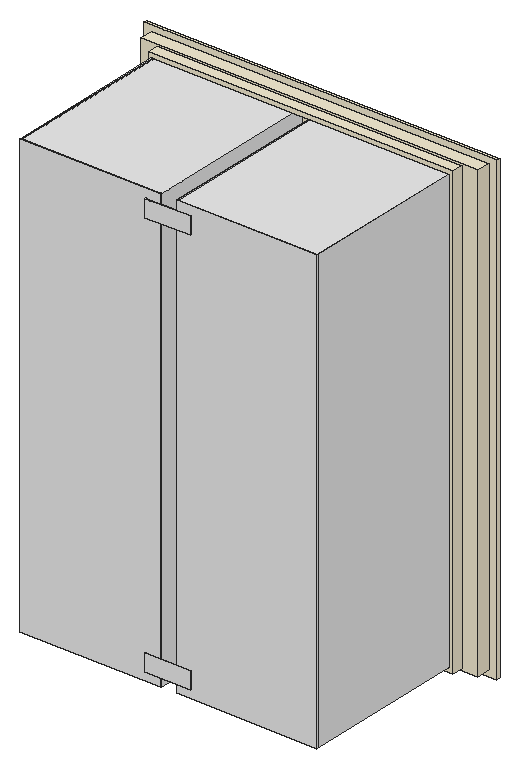
Revit family "4C-11_Door_High_Units_FL.rfa", category Specialty Equipment, host Wall, Revit 2016
Family settings
  Host = Wall
  Part Type = Normal
  Round Connector Dimension = Use Diameter
  Always vertical = Yes
  Cut with Voids When Loaded = No
  Shared = No
  Room Calculation Point = No
Parameters (values of type "3711D-20 FL")
  Width = 31.09766"
  Visible Door Number [instance] = yes
  Vertical Center Divider = yes
  Version = "2.0 (08/09/16)"
  Type Comments = "4C Standard Horizontal Mailbox - Front Loading"
  Top Back Plate = yes
  Right Inside Wall = yes
  Model = "3711D-20 FL"
  MasterFormat Title = "Postal Specialties"
  MasterFormat Number = "10 55 00"
  Manufacturer = "Salsbury Industries"
  Lock Material = Stainless Steel -Salsbury Finish =  Polished
  Lock Latches - Right Side = no
  Lock Latches - Left Side = no
  Left Inside Wall = yes
  Latch Alignment = 14.85742"
  Keynote = ""
  Height = 40.970"
  Front Panel Material [instance] = Aluminum - Salsbury Finish = Sandstone
  Door Slot R9 Number [instance] = "18"
  Door Slot R9 = 3700 Series 4C Door Configurations : MB1 Door w/ Divider
  Door Slot R8 Number [instance] = "17"
  Door Slot R8 = 3700 Series 4C Door Configurations : MB1 Door w/ Divider
  Door Slot R7 Number [instance] = "16"
  Door Slot R7 = 3700 Series 4C Door Configurations : MB1 Door w/ Divider
  Door Slot R6 Number [instance] = "0"
  Door Slot R6 = 3700 Series 4C OM2 Configuration : OM2-FL
  Door Slot R5 Number [instance] = "0"
  Door Slot R5 = 3700 Series 4C Door Configurations : Empty
  Door Slot R4 Number [instance] = "15"
  Door Slot R4 = 3700 Series 4C Door Configurations : MB1 Door w/ Divider
  Door Slot R3 Number [instance] = "14"
  Door Slot R3 = 3700 Series 4C Door Configurations : MB1 Door w/ Divider
  Door Slot R2 Number [instance] = "13"
  Door Slot R2 = 3700 Series 4C Door Configurations : MB1 Door w/ Divider
  Door Slot R11 Number [instance] = "20"
  Door Slot R11 = 3700 Series 4C Door Configurations : MB1 Door w/ Divider
  Door Slot R10 Number [instance] = "19"
  Door Slot R10 = 3700 Series 4C Door Configurations : MB1 Door w/ Divider
  Door Slot R1 Number [instance] = "12"
  Door Slot R1 = 3700 Series 4C Door Configurations : MB1 Door
  Door Slot L9 Number [instance] = "9"
  Door Slot L9 = 3700 Series 4C Door Configurations : MB1 Door w/ Divider
  Door Slot L8 Number [instance] = "8"
  Door Slot L8 = 3700 Series 4C Door Configurations : MB1 Door w/ Divider
  Door Slot L7 Number [instance] = "7"
  Door Slot L7 = 3700 Series 4C Door Configurations : MB1 Door w/ Divider
  Door Slot L6 Number [instance] = "6"
  Door Slot L6 = 3700 Series 4C Door Configurations : MB1 Door w/ Divider
  Door Slot L5 Number [instance] = "5"
  Door Slot L5 = 3700 Series 4C Door Configurations : MB1 Door w/ Divider
  Door Slot L4 Number [instance] = "4"
  Door Slot L4 = 3700 Series 4C Door Configurations : MB1 Door w/ Divider
  Door Slot L3 Number [instance] = "3"
  Door Slot L3 = 3700 Series 4C Door Configurations : MB1 Door w/ Divider
  Door Slot L2 Number [instance] = "2"
  Door Slot L2 = 3700 Series 4C Door Configurations : MB1 Door w/ Divider
  Door Slot L11 Number [instance] = "11"
  Door Slot L11 = 3700 Series 4C Door Configurations : MB1 Door w/ Divider
  Door Slot L10 Number [instance] = "10"
  Door Slot L10 = 3700 Series 4C Door Configurations : MB1 Door w/ Divider
  Door Slot L1 Number [instance] = "1"
  Door Slot L1 = 3700 Series 4C Door Configurations : MB1 Door
  Description = "11 Door High Unit: 20 MB1, OM2"
  Depth = 17.025"
  Center Extrusion Offset [instance] = 0.000"
  Bottom Back Plate = yes
  Back Enclosure Material = Aluminum - Salsbury Finish = Anodized
  Assembly Code = "C1030910"
  Above Finished Floor (AFF-Bottom of Unit) [instance] = 26.683"
  Above Finished Floor (AFF-Bottom of Door) [instance] = 28.000"
Reference planes (in)
  plane 1 "Wall Centerline": y = 0
  plane 2 "Center (Left/Right)": x = 0
  plane 3 "Front": y = 3
  plane 4 "15" AFF": z = 28
  plane 5 "28" AFF": z = 28
  plane 6 "36" AFF": z = 36
  plane 7 "48" AFF": z = 48
  plane 8 "Bottom of Unit": z = 26.683
  plane 9 "Top of Unit": z = 67.653
  plane 10 "Left Side of Unit": x = 15.54883
  plane 11 "Right Side of Unit": x = -15.54883
  plane 12 "28" AFF_Bottom of Unit": z = 26.683
  plane 13 "Top Horiz Trim Align": z = 66.82225
  plane 14 "Bottom Horiz Trim Align": z = 27.515
  plane 15 "Left Trim Align": x = 14.716
  plane 16 "Right Trim Align": x = -14.716
  plane 17 "Left Door Align": x = 14.06641
  plane 18 "Right Door Align": x = -14.06641
  plane 19 "Top Horiz Door Align": z = 66.23125
  plane 20 "Bottom Horiz Door Align": z = 28
  plane 21 "Front Face of Unit": y = 3.265
  plane 22 "Top Housing Align": z = 67.149
  plane 23 "Top Collar Align": z = 67.001
  plane 24 "Top Box Align": z = 66.646
  plane 25 "Vertical Housing Align": y = 1.795
  plane 26 "Vertical Collar Align": y = 0.795
  plane 27 "Back of Unit": y = -13.76
  plane 28 "Bottom Housing Align": z = 27.187
  plane 29 "Bottom Collar Align": z = 27.335
  plane 30 "Bottom Box Align": z = 27.75
  plane 31 "Door Alignment": y = 2.66809
  plane 32 "Right Housing Align": x = -14.84183
  plane 33 "Right Collar Align": x = -13.40883
  plane 34 "Right Box Side Align": x = -13.08083
  plane 35 "Left Housing Align": x = 14.84183
  plane 36 "Left Collar Align": x = 13.40883
  plane 37 "Left Side Box Align": x = 13.08083
  plane 38 "Top Back Plate Align": z = 65.867
  plane 39 "Back": y = -3
  plane 40 "RO Left Side": x = 15.17383
  plane 41 "RO Right Side": x = -15.17383
  plane 42 "RO Bottom": z = 27.058
  plane 43 "RO Top": z = 67.278
  plane 44 "Horiz Centerline": z = 42.04237
  plane 45: x = 12.99983
  plane 46: x = 12.92758
  plane 47 "Center Extrusion": x = 0
  plane 48 "Center Extrusion Offset": x = 0
  plane 49 "Row 8 Top Align": z = 42
  plane 50 "Row 7 Top Align": z = 45.5
  plane 51 "Row 6 Top Align": z = 49
  plane 52 "Row 5 Top Align": z = 52.5
  plane 53 "Row 4 Top Align": z = 56
  plane 54 "Row 3 Top Align": z = 59.5
  plane 55 "Row 2 Top Align": z = 63
  plane 56 "Row 11 Top Align": z = 31.5
  plane 57 "Row 10 Top Align": z = 35
  plane 58 "Row 9 Top Align": z = 38.5
  plane 59 "Top of base shelf": z = 28.41625
  plane 60 "base shelf void": z = 28.23439
  plane 61: z = 29.999
  plane 62: z = 28.499
  plane 63 "bottom of base shelf": z = 27.88469
  plane 64 "Right Latch Align": x = -0.69141
  plane 65 "Left Latch Align": x = 0.69141
  plane 66 "Bottom Latch Align": z = 37.265
  plane 67 "Top Latch Align": z = 57.131
Forms (in)
  Extrusion 1, void
    sketch origin (0, 3, 0) x (1, 0, 0) y (0, 0, 1)
      loop
        line (15.17383, 67.278) -> (-15.17383, 67.278) -> (-15.17383, 27.058) -> (15.17383, 27.058) -> (15.17383, 67.278)
    from 0 to 15.27914
  Extrusion 2, solid, material "Aluminum - Salsbury Finish = Sandstone" <- "Front Panel Material"
    sketch origin (0, 3, 0) x (1, 0, 0) y (0, 0, 1)
      loop
        line (15.54883, 67.653) -> (-15.54883, 67.653) -> (-15.54883, 26.683) -> (15.54883, 26.683) -> (15.54883, 67.653)
    from -0.265 to 0
  Extrusion 3, void
    sketch origin (0, 3.265, 0.00774) x (0, 0, -1) y (-1, 0, 0)
      loop
        line (-66.81451, -14.716) -> (-27.50726, -14.716) -> (-27.50726, 14.716) -> (-66.81451, 14.716) -> (-66.81451, -14.716)
    from -0.265 to 0
  Extrusion 4, solid, material "Aluminum - Salsbury Finish = Sandstone" <- "Front Panel Material"
    sketch origin (14.98214, 3.265, -1.67978) x (0, 0, -1) y (-1, 0, 0)
      loop
        line (-68.50203, 29.69814) -> (-68.50203, 29.04855) -> (-29.19478, 29.04855) -> (-29.19478, 29.69814) -> (-68.50203, 29.69814)
    from 0 to -0.265
  Extrusion 5, solid, material "Aluminum - Salsbury Finish = Sandstone" <- "Front Panel Material"
    sketch origin (0, 3.265, 84.08475) x (0, 0, 1) y (1, 0, 0)
      loop
        line (-56.56975, 14.06641) -> (-56.56975, -14.06641) -> (-56.08475, -14.06641) -> (-56.08475, 14.06641) -> (-56.56975, 14.06641)
    from -0.265 to 0
  Extrusion 6, solid, material "Aluminum - Salsbury Finish = Sandstone" <- "Front Panel Material"
    sketch origin (0, 3, 84.08475) x (1, 0, 0) y (0, 0, 1)
      loop
        line (-14.84183, -56.89775) -> (14.84183, -56.89775) -> (14.84183, -16.93575) -> (-14.84183, -16.93575) -> (-14.84183, -56.89775)
    from 0 to 1.205
  Extrusion 7, solid, material "Aluminum - Salsbury Finish = Sandstone" <- "Front Panel Material"
    sketch origin (0, 1.795, 0) x (0, 0, 1) y (-1, 0, 0)
      loop
        line (27.335, 13.40883) -> (27.335, -13.40883) -> (67.001, -13.40883) -> (67.001, 13.40883) -> (27.335, 13.40883)
    from 0 to 1
  Extrusion 8, void
    sketch origin (0, 1.795, 0) x (0, 0, 1) y (-1, 0, 0)
      loop
        line (66.646, 13.08083) -> (27.75, 13.08083) -> (27.75, -13.08083) -> (66.646, -13.08083) -> (66.646, 13.08083)
    from 0 to 1
  Extrusion 9, solid, material "Aluminum - Salsbury Finish = Sandstone" <- "Front Panel Material"
    sketch origin (0, 3.265, 0) x (0, 0, -1) y (-1, 0, 0)
      loop
        line (-66.82225, -14.716) -> (-27.515, -14.716) -> (-27.515, -14.06641) -> (-66.82225, -14.06641) -> (-66.82225, -14.716)
    from 0 to -0.265
  Extrusion 10, solid, material "Aluminum - Salsbury Finish = Sandstone" <- "Front Panel Material"
    sketch origin (0, 3.265, 0) x (0, 0, -1) y (-1, 0, 0)
      loop
        line (-66.82225, -14.06641) -> (-66.23125, -14.06641) -> (-66.23125, 14.06641) -> (-66.82225, 14.06641) -> (-66.82225, -14.06641)
    from -0.265 to 0
  Extrusion 11, void
    sketch origin (0, 1.795, 0) x (0, 0, 1) y (-1, 0, 0)
      loop
        line (67.001, -13.40883) -> (67.001, 13.40883) -> (27.335, 13.40883) -> (27.335, -13.40883) -> (67.001, -13.40883)
    from -1.124 to 0
  Extrusion 12, void
    sketch origin (0, 3, 0) x (1, 0, 0) y (0, 0, 1)
      loop
        line (14.06641, 67.001) -> (-14.06641, 67.001) -> (-14.06641, 27.335) -> (14.06641, 27.335) -> (14.06641, 67.001)
    from 0 to 0.33191
  Extrusion 13, solid, material "Aluminum - Salsbury Finish = Anodized" <- "Back Enclosure Material"
    sketch origin (-0.54283, 1.795, 0) x (0, 0, 1) y (-1, 0, 0)
      loop
        line (66.646, 12.538) -> (27.75, 12.538) -> (27.75, 12.457) -> (66.646, 12.457) -> (66.646, 12.538)
    from 0 to 15.47297
  Extrusion 14, solid, material "Aluminum - Salsbury Finish = Anodized" <- "Back Enclosure Material", visible <- "Right Inside Wall"
    sketch origin (11.7675, 1.795, 0) x (0, 0, 1) y (-1, 0, 0)
      loop
        line (66.646, 12.538) -> (27.75, 12.538) -> (27.75, 12.457) -> (66.646, 12.457) -> (66.646, 12.538)
    from 0 to 15.47297
  Extrusion 15, solid, material "Aluminum - Salsbury Finish = Anodized" <- "Back Enclosure Material"
    sketch origin (0.54283, 1.795, 0) x (0, 0, 1) y (-1, 0, 0)
      loop
        line (66.646, -12.538) -> (66.646, -12.457) -> (27.75, -12.457) -> (27.75, -12.538) -> (66.646, -12.538)
    from 0 to 15.47297
  Extrusion 16, solid, material "Aluminum - Salsbury Finish = Anodized" <- "Back Enclosure Material", visible <- "Left Inside Wall"
    sketch origin (-11.7675, 1.795, 0) x (0, 0, 1) y (-1, 0, 0)
      loop
        line (66.646, -12.538) -> (66.646, -12.457) -> (27.75, -12.457) -> (27.75, -12.538) -> (66.646, -12.538)
    from 0 to 15.47297
  Extrusion 17, solid, material "Aluminum - Salsbury Finish = Anodized" <- "Back Enclosure Material"
    sketch origin (0, -13.76, 0) x (0, 0, 1) y (-1, 0, 0)
      loop
        line (66.646, 13.08083) -> (27.75, 13.08083) -> (27.75, -13.08083) -> (66.646, -13.08083) -> (66.646, 13.08083)
    from -0.08203 to 0
  Extrusion 18, solid, material "Aluminum - Salsbury Finish = Anodized" <- "Back Enclosure Material"
    sketch origin (0, 0, 66.646) x (0, 1, 0) y (-1, 0, 0)
      loop
        line (1.795, 12.99983) -> (-13.67797, 12.99983) -> (-13.67797, -12.99983) -> (1.795, -12.99983) -> (1.795, 12.99983)
    from -0.35871 to 0
  Extrusion 19, void
    sketch origin (0, 0, 66.646) x (0, 1, 0) y (-1, 0, 0)
      loop
        line (1.7325, 12.93342) -> (-13.61547, 12.93342) -> (-13.61547, -12.92758) -> (1.7325, -12.92758) -> (1.7325, 12.93342)
    from -0.0723 to -0.6459
  Extrusion 20, solid, material "Aluminum - Salsbury Finish = Anodized" <- "Back Enclosure Material"
    sketch origin (0, 0, 27.88469) x (-1, 0, 0) y (0, -1, 0)
      loop
        line (12.99983, -1.795) -> (12.99983, 13.67797) -> (-12.99983, 13.67797) -> (-12.99983, -1.795) -> (12.99983, -1.795)
    from 0.53156 to 0
  Extrusion 21, void
    sketch origin (0, 0, 27.88469) x (-1, 0, 0) y (0, -1, 0)
      loop
        line (12.93342, -1.7325) -> (12.93342, 13.61547) -> (-12.92758, 13.61547) -> (-12.92758, -1.7325) -> (12.93342, -1.7325)
    from 0.3497 to 0
  Extrusion 22, solid, material "Aluminum - Salsbury Finish = Anodized" <- "Back Enclosure Material", visible <- "Top Back Plate"
    sketch origin (0, -13.76, 0) x (0, 0, 1) y (-1, 0, 0)
      loop
        line (65.867, 2) -> (64.367, 2) -> (64.367, -2) -> (65.867, -2) -> (65.867, 2)
    from 0 to 0.08203
  Extrusion 23, solid, material "Aluminum - Salsbury Finish = Anodized" <- "Back Enclosure Material", visible <- "Bottom Back Plate"
    sketch origin (0, -13.76, 84.11475) x (0, 0, -1) y (1, 0, 0)
      loop
        line (55.61575, -2) -> (55.61575, 2) -> (54.11575, 2) -> (54.11575, -2) -> (55.61575, -2)
    from 0 to 0.08203
  Extrusion 24, void
    sketch origin (0, 0, 0) x (0, 0, 1) y (0, 1, 0)
      loop
        line (66.646, 1.795) -> (66.82225, 1.795) -> (66.82225, 3.265) -> (27.515, 3.265) -> (27.515, 1.795) -> (27.75, 1.795) -> (27.75, -13.76) -> (66.646, -13.76) -> (66.646, 1.795)
    from -0.69141 to 0.69141
  Extrusion 25, solid, material "Aluminum - Salsbury Finish = Sandstone" <- "Front Panel Material", visible <- "Vertical Center Divider"
    sketch origin (-0.77934, 3.265, 0) x (0, 0, -1) y (-1, 0, 0)
      loop
        line (-66.82225, -1.47075) -> (-27.515, -1.47075) -> (-27.515, -0.08794) -> (-66.82225, -0.08794) -> (-66.82225, -1.47075)
    from 0 to -1.47
Cuts and joins
  Extrusion 3, Extrusion 11, Extrusion 24 cuts Extrusion 2
  Extrusion 8, Extrusion 11, Extrusion 12, Extrusion 24 cuts Extrusion 5
  Extrusion 8, Extrusion 12, Extrusion 19, Extrusion 24 cuts Extrusion 7
  Extrusion 11, Extrusion 12, Extrusion 24 cuts Extrusion 10
  Extrusion 11, Extrusion 12 cuts Extrusion 6
  Extrusion 12 cuts Extrusion 4
  Extrusion 12 cuts Extrusion 9
  Extrusion 19, Extrusion 21, Extrusion 24 cuts Extrusion 18
  Extrusion 21, Extrusion 24 cuts Extrusion 20
  Extrusion 24 cuts Extrusion 17
  Extrusion 24 cuts Extrusion 22
  Extrusion 24 cuts Extrusion 23
Lines and regions (in)
  model lines
    curve 1: line (15.54883, 3.265, 67.653) -> (14.716, 3.265, 66.82017)
    curve 2: line (-15.54883, 3.265, 67.653) -> (-14.716, 3.265, 66.82017)
    curve 3: line (-15.54883, 3.265, 26.683) -> (-14.716, 3.265, 27.51583)
    curve 4: line (15.54883, 3.265, 26.683) -> (14.716, 3.265, 27.51583)
  reference lines
    curve 5: line (-14.06641, 2.66809, 25.683) -> (-14.06641, 2.66809, 71.93425)
    curve 6: line (14.06641, 2.66809, 26.183) -> (14.06641, 2.66809, 71.93425)
Text (in)
  text "Placement Side" at (0, 40.15149, 123.01588), in view "Right"
  text "Placement Side" at (-58.6842, 42.74981, 0), in view "Ref. Level"
  text "Placement Side" at (0, 47.49176, 140.59947), in view "Left"
Dimensions and locks (in)
  locked: plane 3 "Front" to host wall
  "Above Finished Floor (AFF-Bottom of Door)": level to plane 4 "15" AFF"
  locked: level to plane 5 "28" AFF" at 28
  locked: level to plane 6 "36" AFF" at 36
  locked: level to plane 7 "48" AFF" at 48
  equal spacing: plane 11 "Right Side of Unit", plane 2 "Center (Left/Right)", plane 10 "Left Side of Unit"
  plane 8 "Bottom of Unit" to plane 4 "15" AFF" = 1.317"
  "Width": plane 11 "Right Side of Unit" to plane 10 "Left Side of Unit"
  "Height": plane 8 "Bottom of Unit" to plane 9 "Top of Unit"
  plane 12 "28" AFF_Bottom of Unit" to plane 5 "28" AFF" = 1.317"
  locked: plane 15 "Left Trim Align" to plane 10 "Left Side of Unit" at 0.83283
  locked: plane 16 "Right Trim Align" to plane 11 "Right Side of Unit" at 0.83283
  locked: plane 13 "Top Horiz Trim Align" to plane 9 "Top of Unit" at 0.83075
  locked: plane 8 "Bottom of Unit" to plane 14 "Bottom Horiz Trim Align" at 0.832
  plane 17 "Left Door Align" to plane 15 "Left Trim Align" = 0.64959"
  plane 18 "Right Door Align" to plane 16 "Right Trim Align" = 0.64959"
  locked: plane 19 "Top Horiz Door Align" to plane 13 "Top Horiz Trim Align" at 0.591
  locked: plane 14 "Bottom Horiz Trim Align" to plane 20 "Bottom Horiz Door Align" at 0.485
  plane 20 "Bottom Horiz Door Align" to level = 28.000"
  plane 5 "28" AFF" to level = 28.000"
  plane 6 "36" AFF" to level = 36.000"
  plane 7 "48" AFF" to level = 48.000"
  plane 9 "Top of Unit" to plane 8 "Bottom of Unit" = 40.970"
  plane 21 "Front Face of Unit" to host wall = 0.265"
  locked: host wall to plane 25 "Vertical Housing Align" at 1.205
  locked: plane 25 "Vertical Housing Align" to plane 26 "Vertical Collar Align" at 1
  plane 25 "Vertical Housing Align" to plane 27 "Back of Unit" = 15.555"
  "Depth": plane 21 "Front Face of Unit" to plane 27 "Back of Unit"
  locked: plane 9 "Top of Unit" to plane 22 "Top Housing Align" at 0.504
  locked: plane 22 "Top Housing Align" to plane 23 "Top Collar Align" at 0.148
  locked: plane 23 "Top Collar Align" to plane 24 "Top Box Align" at 0.355
  locked: plane 28 "Bottom Housing Align" to plane 8 "Bottom of Unit" at 0.504
  locked: plane 29 "Bottom Collar Align" to plane 28 "Bottom Housing Align" at 0.148
  locked: plane 30 "Bottom Box Align" to plane 29 "Bottom Collar Align" at 0.415
  plane 24 "Top Box Align" to plane 30 "Bottom Box Align" = 38.896"  (x2)
  locked: plane 21 "Front Face of Unit" to plane 31 "Door Alignment" at 0.59691
  plane 11 "Right Side of Unit" to plane 32 "Right Housing Align" to plane 33 "Right Collar Align" to plane 34 "Right Box Side Align" = 0.707" locked, 1.433" locked, 0.328" locked
  plane 37 "Left Side Box Align" to plane 36 "Left Collar Align" to plane 35 "Left Housing Align" to plane 10 "Left Side of Unit" = 0.328" locked, 1.433" locked, 0.707" locked
  plane 11 "Right Side of Unit" to plane 32 "Right Housing Align" to plane 33 "Right Collar Align" to plane 34 "Right Box Side Align" = 0.707", 1.433", 0.328"
  plane 37 "Left Side Box Align" to plane 36 "Left Collar Align" to plane 35 "Left Housing Align" to plane 10 "Left Side of Unit" = 0.328", 1.433", 0.707"
  plane 9 "Top of Unit" to plane 24 "Top Box Align" = 1.007"
  plane 30 "Bottom Box Align" to plane 8 "Bottom of Unit" = 1.067"
  locked: plane 24 "Top Box Align" to plane 38 "Top Back Plate Align" at 0.779
  locked: plane 40 "RO Left Side" to plane 10 "Left Side of Unit" at 0.375
  locked: plane 41 "RO Right Side" to plane 11 "Right Side of Unit" at 0.375
  locked: plane 8 "Bottom of Unit" to plane 42 "RO Bottom" at 0.375
  locked: plane 43 "RO Top" to plane 9 "Top of Unit" at 0.375
  Extrusion 13 to Extrusion 13 = 0.081"
  Extrusion 15 to Extrusion 15 = 0.081"
  plane 45 to plane 37 "Left Side Box Align" = 0.081"
  plane 46 to plane 45 = 0.07225"
  plane 18 "Right Door Align" to plane 17 "Left Door Align" = 28.13281"
  "Center Extrusion Offset": plane 47 "Center Extrusion" to plane 48 "Center Extrusion Offset"
  plane 20 "Bottom Horiz Door Align" to plane 56 "Row 11 Top Align" to plane 57 "Row 10 Top Align" to plane 58 "Row 9 Top Align" to plane 49 "Row 8 Top Align" to plane 50 "Row 7 Top Align" = 3.500" locked, 3.500" locked, 3.500" locked, 3.500" locked, 3.500" locked
  plane 50 "Row 7 Top Align" to plane 51 "Row 6 Top Align" to plane 52 "Row 5 Top Align" to plane 53 "Row 4 Top Align" to plane 54 "Row 3 Top Align" to plane 55 "Row 2 Top Align" = 3.500" locked, 3.500" locked, 3.500" locked, 3.500" locked, 3.500" locked
  plane 59 "Top of base shelf" to plane 60 "base shelf void" to plane 63 "bottom of base shelf" to plane 30 "Bottom Box Align" = 0.18186" locked, 0.3497" locked, 0.13469" locked
  plane 61 to plane 62 to plane 8 "Bottom of Unit" = 1.500" locked, 1.816" locked
  "Above Finished Floor (AFF-Bottom of Unit)": level to plane 8 "Bottom of Unit"
  locked: plane 64 "Right Latch Align" to plane 65 "Left Latch Align" at 1.38281
  plane 24 "Top Box Align" to plane 67 "Top Latch Align" = 9.515"
  plane 66 "Bottom Latch Align" to plane 30 "Bottom Box Align" = 9.515"
  "Latch Alignment": plane 11 "Right Side of Unit" to plane 64 "Right Latch Align"
  aligned and locked: plane 8 "Bottom of Unit" to Extrusion 2 sketch curve
  aligned and locked: plane 10 "Left Side of Unit" to Extrusion 2 sketch curve
  aligned and locked: Extrusion 2 sketch curve to plane 11 "Right Side of Unit"
  aligned and locked: Extrusion 2 sketch curve to plane 9 "Top of Unit"
  aligned and locked: plane 21 "Front Face of Unit" to Extrusion 2
  aligned and locked: Extrusion 4 to plane 16 "Right Trim Align"
  aligned and locked: plane 18 "Right Door Align" to Extrusion 4
  aligned and locked: plane 13 "Top Horiz Trim Align" to Extrusion 4
  aligned and locked: Extrusion 5 to plane 14 "Bottom Horiz Trim Align"
  aligned and locked: Extrusion 5 to plane 17 "Left Door Align"
  aligned and locked: plane 20 "Bottom Horiz Door Align" to Extrusion 5
  aligned and locked: Extrusion 5 to plane 18 "Right Door Align"
  aligned and locked: plane 34 "Right Box Side Align" to Extrusion 17 sketch curve
  aligned and locked: Extrusion 17 sketch curve to plane 24 "Top Box Align"
  aligned and locked: Extrusion 17 sketch curve to plane 37 "Left Side Box Align"
  aligned and locked: plane 30 "Bottom Box Align" to Extrusion 17 sketch curve
  aligned and locked: plane 25 "Vertical Housing Align" to Extrusion 18 sketch curve
  aligned and locked: Extrusion 18 sketch curve to plane 45
  aligned and locked: plane 46 to Extrusion 19
  aligned and locked: plane 45 to cut or joined group of Extrusion 18, Extrusion 19, Extrusion 21, Extrusion 24
  aligned and locked: plane 25 "Vertical Housing Align" to Extrusion 20 sketch curve
  aligned and locked: Extrusion 20 sketch curve to plane 45
  aligned and locked: plane 46 to cut or joined group of Extrusion 20, Extrusion 21, Extrusion 24
  aligned and locked: plane 17 "Left Door Align" to cut or joined group of Extrusion 9, Extrusion 12
  aligned and locked: plane 25 "Vertical Housing Align" to Extrusion 25
  aligned and locked: plane 21 "Front Face of Unit" to Extrusion 25
  aligned and locked: nested 12 to plane 17 "Left Door Align"
  aligned and locked: plane 31 "Door Alignment" to nested 12  (x2)
  aligned and locked: nested 13 to plane 17 "Left Door Align"
  aligned and locked: plane 31 "Door Alignment" to nested 13  (x2)
  aligned and locked: nested 15 to plane 17 "Left Door Align"
  aligned and locked: plane 31 "Door Alignment" to nested 15
  aligned and locked: nested 18 to plane 17 "Left Door Align"
  aligned and locked: plane 31 "Door Alignment" to nested 18
  aligned and locked: nested 19 to plane 17 "Left Door Align"
  aligned and locked: plane 31 "Door Alignment" to nested 19  (x2)
  aligned and locked: nested 20 to plane 17 "Left Door Align"
  aligned and locked: plane 31 "Door Alignment" to nested 20
  aligned and locked: nested 21 to plane 17 "Left Door Align"
  aligned and locked: plane 31 "Door Alignment" to nested 21
  aligned and locked: nested 11 to curve 5
  aligned and locked: nested 9 to curve 5
  aligned and locked: nested 8 to curve 5
  aligned and locked: nested 7 to curve 5
  aligned and locked: nested 6 to curve 5
  aligned and locked: nested 5 to curve 5
  aligned and locked: nested 3 to curve 5
  aligned and locked: nested 22 to curve 6
  aligned and locked: nested 21 to curve 6
  aligned and locked: nested 20 to curve 6
  aligned and locked: nested 19 to curve 6
  aligned and locked: nested 18 to curve 6
  aligned and locked: nested 17 to curve 6
  aligned and locked: nested 16 to curve 6
  aligned and locked: nested 15 to curve 6
  aligned and locked: nested 14 to curve 6
  aligned and locked: nested 13 to curve 6
  aligned and locked: nested 12 to curve 6
  aligned and locked: plane 31 "Door Alignment" to nested 6
  aligned and locked: plane 31 "Door Alignment" to nested 11
  aligned and locked: plane 31 "Door Alignment" to nested 22
  aligned and locked: plane 31 "Door Alignment" to nested 9
  aligned and locked: plane 31 "Door Alignment" to nested 8
  aligned and locked: plane 31 "Door Alignment" to nested 17
  aligned and locked: plane 31 "Door Alignment" to nested 5
  aligned and locked: plane 31 "Door Alignment" to nested 3
  aligned and locked: plane 31 "Door Alignment" to nested 14
  aligned and locked: plane 31 "Door Alignment" to nested 16
  aligned and locked: plane 31 "Door Alignment" to nested 2
  aligned and locked: plane 31 "Door Alignment" to nested 4
  aligned and locked: plane 31 "Door Alignment" to nested 10
  aligned and locked: nested 10 to curve 5
  aligned and locked: nested 1 to curve 5
  aligned and locked: nested 2 to curve 5
  aligned and locked: nested 4 to curve 5
  aligned and locked: plane 31 "Door Alignment" to nested 1
  aligned and locked: plane 31 "Door Alignment" to nested 7
  aligned and locked: cut or joined group of Extrusion 23, Extrusion 24 to plane 62
  aligned and locked: plane 59 "Top of base shelf" to cut or joined group of Extrusion 20, Extrusion 21, Extrusion 24
  aligned and locked: cut or joined group of Extrusion 20, Extrusion 21, Extrusion 24 to plane 63 "bottom of base shelf"
  aligned and locked: plane 20 "Bottom Horiz Door Align" to nested 11
  aligned and locked: plane 20 "Bottom Horiz Door Align" to nested 22
  aligned and locked: plane 56 "Row 11 Top Align" to nested 10
  aligned and locked: plane 56 "Row 11 Top Align" to nested 21
  aligned and locked: plane 57 "Row 10 Top Align" to nested 9
  aligned and locked: plane 57 "Row 10 Top Align" to nested 20
  aligned and locked: plane 58 "Row 9 Top Align" to nested 8
  aligned and locked: plane 58 "Row 9 Top Align" to nested 19
  aligned and locked: plane 49 "Row 8 Top Align" to nested 7
  aligned and locked: plane 49 "Row 8 Top Align" to nested 18
  aligned and locked: plane 50 "Row 7 Top Align" to nested 6
  aligned and locked: plane 50 "Row 7 Top Align" to nested 17
  aligned and locked: plane 51 "Row 6 Top Align" to nested 5
  aligned and locked: plane 51 "Row 6 Top Align" to nested 16
  aligned and locked: plane 52 "Row 5 Top Align" to nested 4
  aligned and locked: plane 52 "Row 5 Top Align" to nested 15
  aligned and locked: plane 53 "Row 4 Top Align" to nested 3
  aligned and locked: plane 53 "Row 4 Top Align" to nested 14
  aligned and locked: plane 54 "Row 3 Top Align" to nested 2
  aligned and locked: plane 54 "Row 3 Top Align" to nested 13
  aligned and locked: plane 55 "Row 2 Top Align" to nested 1
  aligned and locked: plane 55 "Row 2 Top Align" to nested 12
  aligned and locked: nested 24 to plane 27 "Back of Unit"
  aligned and locked: nested 23 to plane 27 "Back of Unit"
  aligned and locked: nested 26 to plane 27 "Back of Unit"
  aligned and locked: nested 25 to plane 27 "Back of Unit"
  aligned and locked: plane 66 "Bottom Latch Align" to nested 26
  aligned and locked: plane 66 "Bottom Latch Align" to nested 25
  aligned and locked: plane 65 "Left Latch Align" to nested 26
  aligned and locked: plane 64 "Right Latch Align" to nested 25
  aligned and locked: plane 67 "Top Latch Align" to nested 24
  aligned and locked: plane 67 "Top Latch Align" to nested 23
  aligned and locked: plane 65 "Left Latch Align" to nested 24
  aligned and locked: plane 64 "Right Latch Align" to nested 23
Automatic sketch dimensions
  Extrusion 1 sketch curve to plane 41 "RO Right Side" = 0.000"
  plane 40 "RO Left Side" to Extrusion 1 sketch curve = 0.000"
  Extrusion 1 sketch curve to plane 42 "RO Bottom" = 0.000"
  Extrusion 1 sketch curve to plane 43 "RO Top" = 0.000"
  Extrusion 6 sketch curve to plane 22 "Top Housing Align" = 0.000"
  Extrusion 6 sketch curve to plane 32 "Right Housing Align" = 0.000"
  Extrusion 6 sketch curve to plane 35 "Left Housing Align" = 0.000"
  Extrusion 6 sketch curve to plane 28 "Bottom Housing Align" = 0.000"
  Extrusion 7 sketch curve to plane 29 "Bottom Collar Align" = 0.000"
  Extrusion 7 sketch curve to plane 23 "Top Collar Align" = 0.000"
  plane 36 "Left Collar Align" to Extrusion 7 sketch curve = 0.000"
  Extrusion 7 sketch curve to plane 33 "Right Collar Align" = 0.000"
  Extrusion 8 sketch curve to plane 30 "Bottom Box Align" = 0.000"
  Extrusion 8 sketch curve to plane 24 "Top Box Align" = 0.000"
  Extrusion 8 sketch curve to plane 37 "Left Side Box Align" = 0.000"
  plane 34 "Right Box Side Align" to Extrusion 8 sketch curve = 0.000"
  Extrusion 11 sketch curve to plane 29 "Bottom Collar Align" = 0.000"
  Extrusion 11 sketch curve to plane 23 "Top Collar Align" = 0.000"
  plane 36 "Left Collar Align" to Extrusion 11 sketch curve = 0.000"
  plane 33 "Right Collar Align" to Extrusion 11 sketch curve = 0.000"
  Extrusion 13 sketch curve to plane 30 "Bottom Box Align" = 0.000"
  Extrusion 13 sketch curve to plane 24 "Top Box Align" = 0.000"
  plane 34 "Right Box Side Align" to Extrusion 13 sketch curve = 0.000"
  Extrusion 13 sketch curve to Extrusion 13 sketch curve = 0.081"
  Extrusion 15 sketch curve to plane 30 "Bottom Box Align" = 0.000"
  Extrusion 15 sketch curve to plane 24 "Top Box Align" = 0.000"
  plane 37 "Left Side Box Align" to Extrusion 15 sketch curve = 0.000"
  plane 37 "Left Side Box Align" to Extrusion 15 sketch curve = 0.081"
  Extrusion 18 sketch curve to plane 27 "Back of Unit" = 0.08203"
  plane 34 "Right Box Side Align" to Extrusion 18 sketch curve = 0.081"
  curve 2 to plane 9 "Top of Unit" = 0.000"
  curve 1 to plane 9 "Top of Unit" = 0.000"
  curve 2 to plane 16 "Right Trim Align" = 0.000"
  plane 15 "Left Trim Align" to curve 1 = 0.000"
  curve 3 to plane 16 "Right Trim Align" = 0.000"
  plane 15 "Left Trim Align" to curve 4 = 0.000"
  curve 4 to plane 8 "Bottom of Unit" = 0.000"
  curve 3 to plane 8 "Bottom of Unit" = 0.000"
  plane 10 "Left Side of Unit" to curve 4 = 0.000"
  plane 10 "Left Side of Unit" to curve 1 = 0.000"
  plane 11 "Right Side of Unit" to curve 3 = 0.000"
  plane 11 "Right Side of Unit" to curve 2 = 0.000"
  curve 2 to plane 13 "Top Horiz Trim Align" = 0.00208"
  curve 1 to plane 13 "Top Horiz Trim Align" = 0.00208"
  plane 14 "Bottom Horiz Trim Align" to curve 3 = 0.00083"
  plane 14 "Bottom Horiz Trim Align" to curve 4 = 0.00083"
  Extrusion 3 sketch curve to plane 13 "Top Horiz Trim Align" = 0.000"
  Extrusion 3 sketch curve to plane 14 "Bottom Horiz Trim Align" = 0.000"
  plane 15 "Left Trim Align" to Extrusion 3 sketch curve = 0.000"
  Extrusion 3 sketch curve to plane 16 "Right Trim Align" = 0.000"
  plane 13 "Top Horiz Trim Align" to Extrusion 4 sketch curve = 0.000"
  plane 14 "Bottom Horiz Trim Align" to Extrusion 4 sketch curve = 0.000"
  Extrusion 4 sketch curve to plane 16 "Right Trim Align" = 0.000"
  Extrusion 4 sketch curve to plane 18 "Right Door Align" = 0.000"
  Extrusion 5 sketch curve to plane 14 "Bottom Horiz Trim Align" = 0.000"
  Extrusion 5 sketch curve to plane 4 "15" AFF" = 0.000"
  plane 17 "Left Door Align" to Extrusion 5 sketch curve = 0.000"
  Extrusion 5 sketch curve to plane 18 "Right Door Align" = 0.000"
  Extrusion 9 sketch curve to plane 13 "Top Horiz Trim Align" = 0.000"
  Extrusion 9 sketch curve to plane 14 "Bottom Horiz Trim Align" = 0.000"
  plane 15 "Left Trim Align" to Extrusion 9 sketch curve = 0.000"
  plane 17 "Left Door Align" to Extrusion 9 sketch curve = 0.000"
  Extrusion 10 sketch curve to plane 13 "Top Horiz Trim Align" = 0.000"
  plane 17 "Left Door Align" to Extrusion 10 sketch curve = 0.000"
  Extrusion 10 sketch curve to plane 18 "Right Door Align" = 0.000"
  Extrusion 10 sketch curve to plane 19 "Top Horiz Door Align" = 0.000"
  Extrusion 12 sketch curve to plane 18 "Right Door Align" = 0.000"
  plane 17 "Left Door Align" to Extrusion 12 sketch curve = 0.000"
  Extrusion 12 sketch curve to plane 29 "Bottom Collar Align" = 0.000"
  Extrusion 12 sketch curve to plane 23 "Top Collar Align" = 0.000"
  Extrusion 14 sketch curve to plane 30 "Bottom Box Align" = 0.000"
  Extrusion 14 sketch curve to plane 24 "Top Box Align" = 0.000"
  Extrusion 14 sketch curve to plane 2 "Center (Left/Right)" = 0.6895"
  Extrusion 14 sketch curve to Extrusion 14 sketch curve = 0.081"
  Extrusion 16 sketch curve to plane 30 "Bottom Box Align" = 0.000"
  Extrusion 16 sketch curve to plane 24 "Top Box Align" = 0.000"
  Extrusion 16 sketch curve to plane 2 "Center (Left/Right)" = 0.6895"
  Extrusion 16 sketch curve to Extrusion 16 sketch curve = 0.081"
  Extrusion 19 sketch curve to plane 46 = 0.000"
  Extrusion 19 sketch curve to plane 27 "Back of Unit" = 0.14453"
  plane 25 "Vertical Housing Align" to Extrusion 19 sketch curve = 0.0625"
  plane 34 "Right Box Side Align" to Extrusion 19 sketch curve = 0.14741"
  Extrusion 22 sketch curve to plane 38 "Top Back Plate Align" = 0.000"
  plane 38 "Top Back Plate Align" to Extrusion 22 sketch curve = 1.500"
  plane 2 "Center (Left/Right)" to Extrusion 22 sketch curve = 2.000"
  Extrusion 22 sketch curve to plane 2 "Center (Left/Right)" = 2.000"
  Extrusion 23 sketch curve to plane 2 "Center (Left/Right)" = 2.000"
  plane 2 "Center (Left/Right)" to Extrusion 23 sketch curve = 2.000"
  Extrusion 24 sketch curve to plane 14 "Bottom Horiz Trim Align" = 0.000"
  Extrusion 24 sketch curve to plane 25 "Vertical Housing Align" = 0.000"  (x2)
  Extrusion 24 sketch curve to plane 30 "Bottom Box Align" = 0.000"
  Extrusion 24 sketch curve to plane 24 "Top Box Align" = 0.000"
  Extrusion 24 sketch curve to plane 13 "Top Horiz Trim Align" = 0.000"
  Extrusion 24 sketch curve to plane 27 "Back of Unit" = 0.000"
  Extrusion 24 sketch curve to plane 21 "Front Face of Unit" = 0.000"
  Extrusion 25 sketch curve to plane 13 "Top Horiz Trim Align" = 0.000"
  Extrusion 25 sketch curve to plane 14 "Bottom Horiz Trim Align" = 0.000"
  plane 2 "Center (Left/Right)" to Extrusion 25 sketch curve = 0.69141"
  Extrusion 25 sketch curve to plane 2 "Center (Left/Right)" = 0.69141"
  curve 5 to plane 18 "Right Door Align" = 0.000"
  plane 17 "Left Door Align" to curve 6 = 0.000"
  curve 5 to plane 8 "Bottom of Unit" = 1.000"
  curve 6 to plane 8 "Bottom of Unit" = 0.500"
  plane 9 "Top of Unit" to curve 6 = 4.28125"
  plane 9 "Top of Unit" to curve 5 = 4.28125"
  Extrusion 23 sketch curve to plane 4 "15" AFF" = 0.499"
  Extrusion 23 sketch curve to Extrusion 23 sketch curve = 1.500"
  plane 34 "Right Box Side Align" to Extrusion 20 sketch curve = 0.081"
  Extrusion 20 sketch curve to plane 27 "Back of Unit" = 0.08203"
  Extrusion 21 sketch curve to plane 46 = 0.000"
  plane 34 "Right Box Side Align" to Extrusion 21 sketch curve = 0.14741"
  plane 25 "Vertical Housing Align" to Extrusion 21 sketch curve = 0.0625"
  Extrusion 21 sketch curve to plane 27 "Back of Unit" = 0.14453"
Nested families (in)
  nested 1: "3700 Series 4C Door Configurations" at (-7.37891, 2.79505, 63) x (-1, 0, 0) z (0, 0, 1), type <- "Door Slot R1", Door Number <- "Door Slot R1 Number", type "MB1 Door"
    with Door Number "12"
  nested 2: "3700 Series 4C Door Configurations" at (-7.37891, 2.79505, 59.5) x (-1, 0, 0) z (0, 0, 1), type <- "Door Slot R2", Door Number <- "Door Slot R2 Number", type "MB1 Door w/ Divider"
    with Door Number "13"
  nested 3: "3700 Series 4C Door Configurations" at (-7.37891, 2.79505, 56) x (-1, 0, 0) z (0, 0, 1), type <- "Door Slot R3", Door Number <- "Door Slot R3 Number", type "MB1 Door w/ Divider"
    with Door Number "14"
  nested 4: "3700 Series 4C Door Configurations" at (-7.37891, 2.79505, 52.5) x (-1, 0, 0) z (0, 0, 1), type <- "Door Slot R4", Door Number <- "Door Slot R4 Number", type "MB1 Door w/ Divider"
    with Door Number "15"
  nested 5: "3700 Series 4C Door Configurations" at (-7.37891, 2.79505, 49) x (-1, 0, 0) z (0, 0, 1), type <- "Door Slot R5", Door Number <- "Door Slot R5 Number", type "Empty"
    with Door Number "0"
  nested 6: "3700 Series 4C OM2 Configuration" at (-7.37891, 2.79505, 45.5) x (-1, 0, 0) z (0, 0, 1), type <- "Door Slot R6", type "OM2-FL"
  nested 7: "3700 Series 4C Door Configurations" at (-7.37891, 2.79505, 42) x (-1, 0, 0) z (0, 0, 1), type <- "Door Slot R7", Door Number <- "Door Slot R7 Number", type "MB1 Door w/ Divider"
    with Door Number "16"
  nested 8: "3700 Series 4C Door Configurations" at (-7.37891, 2.79505, 38.5) x (-1, 0, 0) z (0, 0, 1), type <- "Door Slot R8", Door Number <- "Door Slot R8 Number", type "MB1 Door w/ Divider"
    with Door Number "17"
  nested 9: "3700 Series 4C Door Configurations" at (-7.37891, 2.79505, 35) x (-1, 0, 0) z (0, 0, 1), type <- "Door Slot R9", Door Number <- "Door Slot R9 Number", type "MB1 Door w/ Divider"
    with Door Number "18"
  nested 10: "3700 Series 4C Door Configurations" at (-7.37891, 2.79505, 31.5) x (-1, 0, 0) z (0, 0, 1), Door Number <- "Door Slot R10 Number", type <- "Door Slot R10", type "MB1 Door w/ Divider"
    with Door Number "19"
  nested 11: "3700 Series 4C Door Configurations" at (-7.37891, 2.79505, 28) x (-1, 0, 0) z (0, 0, 1), Door Number <- "Door Slot R11 Number", type <- "Door Slot R11", type "MB1 Door w/ Divider"
    with Door Number "20"
  nested 12: "3700 Series 4C Door Configurations" at (7.37891, 2.79505, 63) x (-1, 0, 0) z (0, 0, 1), type <- "Door Slot L1", Door Number <- "Door Slot L1 Number", type "MB1 Door"
    with Door Number "1"
  nested 13: "3700 Series 4C Door Configurations" at (7.37891, 2.79505, 59.5) x (-1, 0, 0) z (0, 0, 1), type <- "Door Slot L2", Door Number <- "Door Slot L2 Number", type "MB1 Door w/ Divider"
    with Door Number "2"
  nested 14: "3700 Series 4C Door Configurations" at (7.37891, 2.79505, 56) x (-1, 0, 0) z (0, 0, 1), type <- "Door Slot L3", Door Number <- "Door Slot L3 Number", type "MB1 Door w/ Divider"
    with Door Number "3"
  nested 15: "3700 Series 4C Door Configurations" at (7.37891, 2.79505, 52.5) x (-1, 0, 0) z (0, 0, 1), type <- "Door Slot L4", Door Number <- "Door Slot L4 Number", type "MB1 Door w/ Divider"
    with Door Number "4"
  nested 16: "3700 Series 4C Door Configurations" at (7.37891, 2.79505, 49) x (-1, 0, 0) z (0, 0, 1), type <- "Door Slot L5", Door Number <- "Door Slot L5 Number", type "MB1 Door w/ Divider"
    with Door Number "5"
  nested 17: "3700 Series 4C Door Configurations" at (7.37891, 2.79505, 45.5) x (-1, 0, 0) z (0, 0, 1), type <- "Door Slot L6", Door Number <- "Door Slot L6 Number", type "MB1 Door w/ Divider"
    with Door Number "6"
  nested 18: "3700 Series 4C Door Configurations" at (7.37891, 2.79505, 42) x (-1, 0, 0) z (0, 0, 1), Door Number <- "Door Slot L7 Number", type <- "Door Slot L7", type "MB1 Door w/ Divider"
    with Door Number "7"
  nested 19: "3700 Series 4C Door Configurations" at (7.37891, 2.79505, 38.5) x (-1, 0, 0) z (0, 0, 1), type <- "Door Slot L8", Door Number <- "Door Slot L8 Number", type "MB1 Door w/ Divider"
    with Door Number "8"
  nested 20: "3700 Series 4C Door Configurations" at (7.37891, 2.79505, 35) x (-1, 0, 0) z (0, 0, 1), type <- "Door Slot L9", Door Number <- "Door Slot L9 Number", type "MB1 Door w/ Divider"
    with Door Number "9"
  nested 21: "3700 Series 4C Door Configurations" at (7.37891, 2.79505, 31.5) x (-1, 0, 0) z (0, 0, 1), type <- "Door Slot L10", Door Number <- "Door Slot L10 Number", type "MB1 Door w/ Divider"
    with Door Number "10"
  nested 22: "3700 Series 4C Door Configurations" at (7.37891, 2.79505, 28) x (-1, 0, 0) z (0, 0, 1), type <- "Door Slot L11", Door Number <- "Door Slot L11 Number", type "MB1 Door w/ Divider"
    with Door Number "11"
  nested 23: "4C Latch Lock-Right" at (-1.81641, -13.882, 56.4435) x (-1, 0, 0) z (0, 0, 1), type "Lock Latch"
    with Visible Latch no
  nested 24: "4C Latch Lock-Left" at (1.81641, -13.882, 56.4435) x (-1, 0, 0) z (0, 0, 1), type "Lock Latch"
    with Visible Latch no
  nested 25: "4C Latch Lock-Right" at (-1.81641, -13.882, 36.5775) x (-1, 0, 0) z (0, 0, 1), type "Lock Latch"
    with Visible Latch no
  nested 26: "4C Latch Lock-Left" at (1.81641, -13.882, 36.5775) x (-1, 0, 0) z (0, 0, 1), type "Lock Latch"
    with Visible Latch no
Definition of nested family "3700 Series 4C Door Configurations"
  Parameters (values of type "MB1 Door w/ Divider")
    Weight = "5 lbs."
    Visible Door Number = yes
    URL = ""
    Model = "3700MB1"
    Manufacturer = "Salsbury Industries"
    Lock Material = none
    Inset Offset = 0.000"
    Front Panel Material = none
    Door Width = 13.375"
    Door Visibility-MB1 = yes
    Door Number [instance] = "101"
    Door Lock = yes
    Door Height = 3.23047"
    Door Divider = yes
    Door Depth = 0.25391"
    Description = "MB1 Door for 3700 Series 4C Mailboxes"
    Cost = 0
    Center Lock-Vertical = 0.875"
    Center Lock-Horizontal = 1.61523"
  Types (11): name | Weight | Visible Door Number | Model | Inset Offset | Door Visibility-MB1 | Door Lock | Door Height | Door Divider | Description
    MB1 Door w/ Divider | "5 lbs." | yes | "3700MB1" | 0.000" | yes | yes | 3.23047" | yes | "MB1 Door for 3700 Series 4C Mailboxes"
    MB1 Door | "5 lbs." | yes | "3700MB1" | 0.000" | yes | yes | 3.23047" | no | "MB1 Door for 3700 Series 4C Mailboxes"
    MB2 Door | "10 lbs." | yes | "3700MB2" | 0.000" | yes | yes | 6.73047" | no | "MB2 Door for 3700 Series 4C Mailboxes"
    MB2 Door w/ Divider | "10 lbs." | yes | "3700MB2" | 0.000" | yes | yes | 6.73047" | yes | "MB2 Door for 3700 Series 4C Mailboxes"
    MB3 Door | "15 lbs." | yes | "3700MB3" | 0.000" | yes | yes | 10.23047" | no | "MB3 Door for 3700 Series 4C Mailboxes"
    MB3 Door w/ Divider | "15 lbs." | yes | "3700MB3" | 0.000" | yes | yes | 10.23047" | yes | "MB3 Door for 3700 Series 4C Mailboxes"
    MB4 Door | "20 lbs." | yes | "3700MB4" | 0.000" | yes | yes | 13.73047" | no | "MB4 Door for 3700 Series 4C Mailboxes"
    MB4 Door w/ Divider | "20 lbs." | yes | "3700MB4" | 0.000" | yes | yes | 13.73047" | yes | "MB4 Door for 3700 Series 4C Mailboxes"
    Blank Door | "5 lbs." | no | "3700MB1" | 0.18359" | yes | no | 3.23047" | no | "MB1 Door for 3700 Series 4C Mailboxes"
    Blank Door w/ Divider | "5 lbs." | no | "3700MB1" | 0.18402" | yes | no | 3.23047" | yes | "MB1 Door for 3700 Series 4C Mailboxes"
    Empty | "5 lbs." | no | "Empty MB1" | 0.18359" | no | no | 3.23047" | no | "Empty MB1 Door for 3700 Series 4C Mailboxes"
  Reference planes (in)
    plane 1 "Center (Front/Back)": y = 0
    plane 2 "Bottom of Door": z = 0
    plane 3 "Center (Left/Right)": x = 0
    plane 4 "Left Side Face of Door": x = -6.6875
    plane 5 "Right Side Face of Door": x = 6.6875
    plane 6 "Back Face of Door": y = 0.12695
    plane 7 "Front Face of Door": y = -0.12695
    plane 8: z = 3.23047
    plane 9: z = 1.61523
    plane 10 "Face of Divider": y = -0.46995
    plane 11 "Center Lock Vertical": x = -5.8125
    plane 12 "Center Lock Horizontal": z = 1.61523
    plane 13 "Face of Lock": y = -0.42383
    plane 14 "Divider Height Align": z = 3.50047
    plane 15 "Inset Center": x = -0.0975
    plane 16 "Inset Offset": y = -0.12695
    plane 17: z = 1.99038
    plane 18: z = 1.24072
  Forms (in)
    Extrusion 1, solid, material <- "Front Panel Material", visible <- "Door Visibility-MB1"
      sketch origin (0, 0, 0) x (1, 0, 0) y (0, 1, 0)
        loop
          line (-6.4355, 0.12695) -> (-6.6875, -0.05445) -> (-6.6875, -0.12695) -> (6.05625, -0.12695)
          arc (6.05625, -0.12695) -> (6.19558, -0.17661) -> (6.27209, -0.3032) r 0.22029
          arc (6.27209, -0.3032) -> (6.3553, -0.42132) -> (6.4925, -0.46664) r 0.23034
          arc (6.4925, -0.46664) -> (6.63039, -0.40952) -> (6.6875, -0.27164) r 0.195
          line (6.6875, -0.27164) -> (6.6875, 0.12695) -> (-6.4355, 0.12695)
      from 0 to 3.23047
    Blend 2, solid, material <- "Lock Material", visible <- "Door Lock"
      base sketch origin (0, -0.12695, 0) x (-1, 0, 0) y (0, 0, 1)
        loop
          circle (5.8125, 1.61523) r 0.525
      top sketch origin (0, -0.12695, 0) x (-1, 0, 0) y (0, 0, 1)
        loop
          circle (5.8125, 1.61523) r 0.485
      from 0 to -0.29688
    Extrusion 3, solid, material <- "Front Panel Material", visible <- "Door Divider"
      sketch origin (0, 0, 3.50047) x (-1, 0, 0) y (0, -1, 0)
        loop
          line (6.6875, -0.12695) -> (6.6875, 0.46995) -> (-6.6875, 0.46995) -> (-6.6875, -0.12695) -> (6.6875, -0.12695)
      from -0.27 to 0
    Extrusion 4, void
      sketch origin (0, -0.42383, 0) x (1, 0, 0) y (0, 0, 1)
        loop
          circle (-5.8125, 1.49523) r 0.285
      from 0 to -0.01562
    Extrusion 5, void
      sketch origin (0, -0.42383, 0) x (1, 0, 0) y (0, 0, 1)
        loop
          line (-5.84183, 1.62353) -> (-5.84183, 1.32353) -> (-5.78183, 1.32353) -> (-5.78183, 1.62353) -> (-5.84183, 1.62353)
      from 0 to -0.03906
    Extrusion 6, void
      sketch origin (0, -0.12695, 0) x (0, 0, 1) y (-1, 0, 0)
        loop
          arc (2.36523, 0.8475) -> (2.32862, 0.93589) -> (2.24023, 0.9725) r 0.125
          line (2.24023, 0.9725) -> (0.99023, 0.9725)
          arc (0.99023, 0.9725) -> (0.90185, 0.93589) -> (0.86523, 0.8475) r 0.125
          line (0.86523, 0.8475) -> (0.86523, -0.6525)
          arc (0.86523, -0.6525) -> (0.90185, -0.74089) -> (0.99023, -0.7775) r 0.125
          line (0.99023, -0.7775) -> (2.24023, -0.7775)
          arc (2.24023, -0.7775) -> (2.32862, -0.74089) -> (2.36523, -0.6525) r 0.125
          line (2.36523, -0.6525) -> (2.36523, 0.8475)
      from 0 to -0.03906
  Cuts and joins
    Extrusion 4, Extrusion 5 cuts Blend 2
    Extrusion 6 cuts Extrusion 1
  Dimensions and locks (in)
    equal spacing: plane 6 "Back Face of Door", plane 1 "Center (Front/Back)", plane 7 "Front Face of Door"
    "Door Depth": plane 6 "Back Face of Door" to plane 7 "Front Face of Door"
    equal spacing: plane 4 "Left Side Face of Door", plane 3 "Center (Left/Right)", plane 5 "Right Side Face of Door"  (x2)
    "Door Width": plane 4 "Left Side Face of Door" to plane 5 "Right Side Face of Door"
    locked: plane 7 "Front Face of Door" to plane 10 "Face of Divider" at 0.343
    "Center Lock-Vertical": plane 4 "Left Side Face of Door" to plane 11 "Center Lock Vertical"
    "Inset Offset": plane 16 "Inset Offset" to plane 7 "Front Face of Door"
    plane 4 "Left Side Face of Door" to plane 5 "Right Side Face of Door" = 13.375"
    plane 6 "Back Face of Door" to plane 10 "Face of Divider" = 0.59691"
    "Door Height": plane 8 to plane 2 "Bottom of Door"
    equal spacing: plane 8, plane 9, plane 2 "Bottom of Door"
    locked: plane 14 "Divider Height Align" to plane 8 at 0.27
    plane 17 to plane 9 to plane 18 = 0.37515" locked, 0.37452" locked
    aligned and locked: level to plane 2 "Bottom of Door"
    aligned and locked: plane 4 "Left Side Face of Door" to Extrusion 1
    aligned and locked: plane 6 "Back Face of Door" to Extrusion 1
    aligned and locked: plane 7 "Front Face of Door" to Extrusion 1
    aligned and locked: plane 8 to Extrusion 1
    aligned and locked: Extrusion 3 sketch curve to plane 4 "Left Side Face of Door"
    aligned and locked: Extrusion 3 sketch curve to plane 6 "Back Face of Door"
    aligned and locked: plane 5 "Right Side Face of Door" to Extrusion 3 sketch curve
    aligned and locked: Extrusion 3 to plane 8
    aligned and locked: plane 10 "Face of Divider" to Extrusion 3 sketch curve
    aligned and locked: plane 14 "Divider Height Align" to Extrusion 3
    aligned and locked: cut or joined group of Extrusion 1, Extrusion 6 to plane 2 "Bottom of Door"
    aligned and locked: plane 18 to text3d elem
  Automatic sketch dimensions
    Extrusion 1 sketch curve to plane 4 "Left Side Face of Door" = 0.000"
    Extrusion 1 sketch curve to plane 6 "Back Face of Door" = 0.000"
    Extrusion 1 sketch curve to plane 7 "Front Face of Door" = 0.000"
    Extrusion 1 sketch curve to plane 5 "Right Side Face of Door" = 0.000"
    Extrusion 1 sketch curve to plane 4 "Left Side Face of Door" = 0.252"
    plane 5 "Right Side Face of Door" to Extrusion 1 sketch curve = 0.63125"
    Extrusion 1 sketch curve to plane 7 "Front Face of Door" = 0.10935"
    plane 5 "Right Side Face of Door" to Extrusion 1 sketch curve = 0.195"
    Extrusion 1 sketch curve to plane 7 "Front Face of Door" = 0.14468"
    plane 10 "Face of Divider" to Extrusion 1 sketch curve = 0.12271"
    plane 1 "Center (Front/Back)" to Extrusion 1 sketch curve = 0.05445"
    plane 10 "Face of Divider" to Extrusion 1 sketch curve = 0.16676"
    Blend 2 sketch curve to plane 9 = 0.000"  (x2)
    plane 11 "Center Lock Vertical" to Blend 2 sketch curve = 0.000"  (x2)
    plane 11 "Center Lock Vertical" to Extrusion 4 sketch curve = 0.000"
    Extrusion 4 sketch curve to plane 9 = 0.120"
    Extrusion 4 sketch curve to Extrusion 4 sketch curve = 0.285"
    plane 11 "Center Lock Vertical" to Extrusion 5 sketch curve = 0.02933"
    Extrusion 5 sketch curve to plane 11 "Center Lock Vertical" = 0.03067"
    Extrusion 5 sketch curve to plane 9 = 0.2917"
    plane 9 to Extrusion 5 sketch curve = 0.0083"
    Extrusion 6 sketch curve to plane 9 = 0.750"
    Extrusion 6 sketch curve to Extrusion 6 sketch curve = 0.125"  (x3)
    plane 9 to Extrusion 6 sketch curve = 0.625"  (x2)
    plane 3 "Center (Left/Right)" to Extrusion 6 sketch curve = 0.7775"
    plane 15 "Inset Center" to Extrusion 6 sketch curve = 0.750"
    radius of Blend 2 sketch curve = 0.525"
    radius of Blend 2 sketch curve = 0.485"
Definition of nested family "3700 Series 4C OM2 Configuration"
  Parameters (values of type "OM2-FL")
    Weight = ""
    URL = ""
    Access Lock Offset = 0.000"
    Access Lock = yes
    Model = "3700OM2-FL"
    Manufacturer = "Salsbury Industries"
    Lock Material = none
    Front Panel Material = none
    Door Width = 13.375"
    Door Number [instance] = "101"
    Door Height = 7.00047"
    Door Depth = 0.25391"
    Description = "OM2 Door for 3700 Series 4C Mailboxes-Front Loading"
    Cost = 0
    Center Lock-Vertical = 2.360"
    Center Lock-Horizontal = 1.61523"
  Types (3): name | Access Lock Offset | Access Lock | Model | Description
    (no name) | 0.000" | yes | "3700OM2-FL" | "OM2 Door for 3700 Series 4C Mailboxes-Front Loading"
    OM2-FL | 0.000" | yes | "3700OM2-FL" | "OM2 Door for 3700 Series 4C Mailboxes-Front Loading"
    OM2-RL | 0.3125" | no | "3700OM2-RL" | "OM2 Door for 3700 Series 4C Mailboxes-Rear Loading"
  Reference planes (in)
    plane 1 "Center (Front/Back)": y = 0
    plane 2 "Bottom of Door": z = 0
    plane 3 "Center (Left/Right)": x = 0
    plane 4 "Left Side Face of Door": x = -6.6875
    plane 5 "Right Side Face of Door": x = 6.6875
    plane 6 "Back Face of Door": y = 0.12695
    plane 7 "Front Face of Door": y = -0.12695
    plane 8: z = 3.23047
    plane 9: z = 1.61523
    plane 10: y = -0.46995
    plane 11 "Center Lock Vertical": x = -4.3275
    plane 12 "Center Lock Horizontal": z = 1.61523
    plane 13 "Face of Lock": y = -0.42383
    plane 14 "Divider Height Align": z = 3.50047
    plane 15 "Plate Center": x = -0.16063
    plane 16 "Left Stud Align": x = -5.7025
    plane 17 "Right Stud Align": x = -2.8895
    plane 18 "Top Stud Align": z = 2.27147
    plane 19 "Bottom Stud Align": z = 0.95947
    plane 20 "Hinge Stud Align": x = 5.6875
    plane 21 "Mail Plate Top": z = 2.61547
    plane 22 "Mail Plate Bottom": z = 0.61547
    plane 23: x = -2.1595
    plane 24: x = 1.8405
    plane 25 "Face of Mail Plate": y = -0.16602
    plane 26 "Top of Mail Drop Door": z = 6.73094
    plane 27 "Top of Mail Drop Divider": z = 7.00047
    plane 28 "Face of Mail Drop": y = -0.31995
    plane 29 "Top of Mail Slot": z = 6.42087
    plane 30 "Bottom of Mail Slot": z = 5.67087
    plane 31 "Left Edge of Mail Slot": x = -5.3755
    plane 32 "Right Edge of Mail Slot": x = 5.3755
    plane 33 "Mail Slot Bottom Protusion": z = 6.50987
    plane 34: y = -0.49395
    plane 35: z = 6.15637
    plane 36 "Front of Awning": y = -1.63495
    plane 37: y = -1.15685
    plane 38 "Mail Slot Slope": through (-240, -0.44582, 6.9722) normal (0, -0.5, 0.866)
    plane 39 "Access Lock Offset": y = 0.12695
  Forms (in)
    Extrusion 1, solid, material <- "Front Panel Material"
      sketch origin (0, 0, 0) x (1, 0, 0) y (0, 1, 0)
        loop
          line (-6.4355, 0.12695) -> (-6.6875, -0.05445) -> (-6.6875, -0.12695) -> (6.05625, -0.12695)
          arc (6.05625, -0.12695) -> (6.19558, -0.17661) -> (6.27209, -0.3032) r 0.22029
          arc (6.27209, -0.3032) -> (6.3553, -0.42132) -> (6.4925, -0.46664) r 0.23034
          arc (6.4925, -0.46664) -> (6.63039, -0.40952) -> (6.6875, -0.27164) r 0.195
          line (6.6875, -0.27164) -> (6.6875, 0.12695) -> (-6.4355, 0.12695)
      from 0 to 3.23047
    Extrusion 2, solid, material <- "Front Panel Material"
      sketch origin (0, 0, 3.50047) x (-1, 0, 0) y (0, -1, 0)
        loop
          line (6.6875, -0.12695) -> (6.6875, 0.46995) -> (-6.6875, 0.46995) -> (-6.6875, -0.12695) -> (6.6875, -0.12695)
      from -0.27 to 0
    Extrusion 3, void
      sketch origin (0, 0.12695, 0) x (0, 0, -1) y (-1, 0, 0)
        loop
          circle (-1.61523, 4.3275) r 0.4375
      from 0 to -0.25391
    Extrusion 4, solid, material <- "Lock Material", visible <- "Access Lock"
      sketch origin (0, 0.12695, 0) x (0, 0, -1) y (-1, 0, 0)
        loop
          circle (-1.61523, 4.3275) r 0.42913
      from 0 to -0.25391
    Extrusion 5, void
      sketch origin (0, 0.12695, 3.4) x (-1, 0, 0) y (0, 0, 1)
        loop
          line (4.3568, -1.47517) -> (4.2982, -1.47517) -> (4.2982, -2.09436) -> (4.3568, -2.09436) -> (4.3568, -1.47517)
      from -0.12695 to -0.25391
    Blend 6, solid, material <- "Front Panel Material"
      base sketch origin (0, -0.12695, 2.68123) x (-1, 0, 0) y (0, 0, 1)
        loop
          circle (5.7025, -0.40977) r 0.15665
      top sketch origin (0, -0.12695, 2.68123) x (-1, 0, 0) y (0, 0, 1)
        loop
          circle (5.7025, -0.40977) r 0.3125
      from -0.11328 to 0
    Blend 7, solid, material <- "Front Panel Material"
      base sketch origin (1.3125, -0.12695, 2.68123) x (-1, 0, 0) y (0, 0, 1)
        loop
          circle (4.202, -0.40977) r 0.15665
      top sketch origin (1.3125, -0.12695, 2.68123) x (-1, 0, 0) y (0, 0, 1)
        loop
          circle (4.202, -0.40977) r 0.3125
      from -0.11328 to 0
    Blend 8, solid, material <- "Front Panel Material"
      base sketch origin (0, -0.12695, 1.36923) x (-1, 0, 0) y (0, 0, 1)
        loop
          circle (5.7025, -0.40977) r 0.15665
      top sketch origin (0, -0.12695, 1.36923) x (-1, 0, 0) y (0, 0, 1)
        loop
          circle (5.7025, -0.40977) r 0.3125
      from -0.11328 to 0
    Blend 9, solid, material <- "Front Panel Material"
      base sketch origin (1.3125, -0.12695, 1.36923) x (-1, 0, 0) y (0, 0, 1)
        loop
          circle (4.202, -0.40977) r 0.15665
      top sketch origin (1.3125, -0.12695, 1.36923) x (-1, 0, 0) y (0, 0, 1)
        loop
          circle (4.202, -0.40977) r 0.3125
      from -0.11328 to 0
    Blend 10, solid, material <- "Front Panel Material"
      base sketch origin (9.8895, -0.12695, 2.68123) x (-1, 0, 0) y (0, 0, 1)
        loop
          circle (4.202, -0.40977) r 0.15665
      top sketch origin (9.8895, -0.12695, 2.68123) x (-1, 0, 0) y (0, 0, 1)
        loop
          circle (4.202, -0.40977) r 0.3125
      from -0.11328 to 0
    Blend 11, solid, material <- "Front Panel Material"
      base sketch origin (9.8895, -0.12695, 1.36923) x (-1, 0, 0) y (0, 0, 1)
        loop
          circle (4.202, -0.40977) r 0.15665
      top sketch origin (9.8895, -0.12695, 1.36923) x (-1, 0, 0) y (0, 0, 1)
        loop
          circle (4.202, -0.40977) r 0.3125
      from -0.11328 to 0
    Extrusion 12, solid, material <- "Lock Material"
      sketch origin (0, -0.12695, 0) x (-1, 0, 0) y (0, 0, 1)
        loop
          line (1.96028, 2.61547) -> (-1.64128, 2.61547)
          arc (-1.64128, 2.61547) -> (-1.78215, 2.55712) -> (-1.8405, 2.41625) r 0.19922
          line (-1.8405, 2.41625) -> (-1.8405, 0.81469)
          arc (-1.8405, 0.81469) -> (-1.78215, 0.67382) -> (-1.64128, 0.61547) r 0.19922
          line (-1.64128, 0.61547) -> (1.96028, 0.61547)
          arc (1.96028, 0.61547) -> (2.10115, 0.67382) -> (2.1595, 0.81469) r 0.19922
          line (2.1595, 0.81469) -> (2.1595, 2.41625)
          arc (2.1595, 2.41625) -> (2.10115, 2.55712) -> (1.96028, 2.61547) r 0.19922
      from 0 to -0.03906
    Extrusion 13, solid, material <- "Front Panel Material"
      sketch origin (-2.13946, 0, 3.50047) x (-1, 0, 0) y (0, -1, 0)
        loop
          line (4.54804, -0.12695) -> (4.54804, 0.31995) -> (-8.82696, 0.31995) -> (-8.82696, -0.12695) -> (4.54804, -0.12695)
      from 0 to 3.0094
    Extrusion 14, void
      sketch origin (0, -0.31995, 0) x (0, 0, -1) y (-1, 0, 0)
        loop
          arc (-5.67087, 5.0005) -> (-6.04587, 5.3755) -> (-6.42087, 5.0005) r 0.375
          line (-6.42087, 5.0005) -> (-6.42087, -5.0005)
          arc (-6.42087, -5.0005) -> (-6.04587, -5.3755) -> (-5.67087, -5.0005) r 0.375
          line (-5.67087, -5.0005) -> (-5.67087, 5.0005)
      from 0 to 0.44691
    Extrusion 15, solid, material <- "Front Panel Material"
      sketch origin (0, 0, 0) x (0, 1, 0) y (0, 0, 1)
        loop
          line (0.12695, 6.50987) -> (0.12695, 7.00047) -> (-0.46995, 7.00047) -> (-0.75605, 6.83078) -> (-0.73973, 6.80251) -> (-1.27431, 6.49388) -> (-1.29063, 6.52214) -> (-1.61027, 6.3376)
          arc (-1.61027, 6.3376) -> (-1.63087, 6.31111) -> (-1.62714, 6.27777) r 0.04454
          line (-1.62714, 6.27777) -> (-1.5282, 6.17883)
          arc (-1.5282, 6.17883) -> (-1.4937, 6.16211) -> (-1.4558, 6.15637) r 0.12791
          line (-1.4558, 6.15637) -> (-1.10623, 6.15637) -> (-0.49395, 6.50987) -> (0.12695, 6.50987)
      from -6.6875 to 6.6875
  Cuts and joins
    Extrusion 3 cuts Extrusion 1
    Extrusion 5 cuts Extrusion 4
    Extrusion 14 cuts Extrusion 13
  Dimensions and locks (in)
    equal spacing: plane 6 "Back Face of Door", plane 1 "Center (Front/Back)", plane 7 "Front Face of Door"
    "Door Depth": plane 6 "Back Face of Door" to plane 7 "Front Face of Door"
